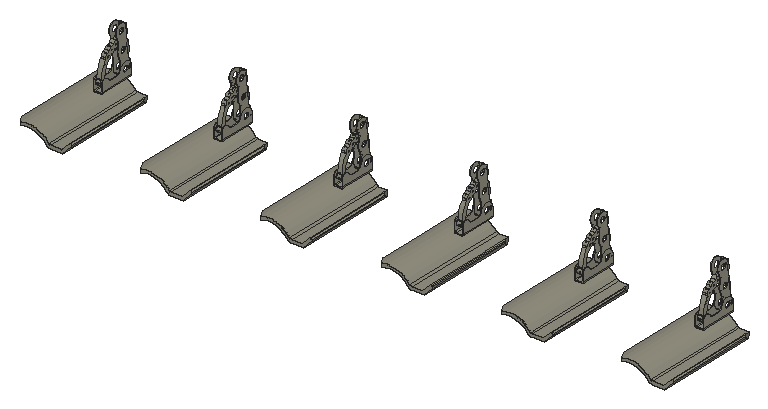
Revit family "Construction_Roof-Accessories_Alpine-SnowGuards_PP235LS", category Specialty Equipment, host Face, Revit 2019
Family settings
  Host = Face
  Round Connector Dimension = Use Diameter
  Part Type = Normal
  OmniClass Number = 23.35.20.31.27.14
  OmniClass Title = Snow Guards
  Cut with Voids When Loaded = No
  Shared = No
  Room Calculation Point = No
Parameters (values of type "PP235LS")
  Z_Two [instance] = Z_Length > Z_Horizontal Spacing  # yes
  Z_One [instance] = not(Z_Array)  # no
  Z_Length [instance] = if(Length < Z_Horizontal Spacing, Z_Horizontal Spacing, Length)  # 100"
  Z_Horizontal Spacing [instance] = if(Horizontal Spacing < 2", 2", Horizontal Spacing)  # 20"
  Z_Array [instance] = and(Z_Length > Z_Horizontal Spacing * 2)  # yes
  URL = "https://www.alpinesnowguards.com/model/pp235ls?utm_source=bimobject&utm_medium=productlisting&utm_campaign=2022marketing"
  Snow Guard Count [instance] = if(Length < Horizontal Spacing, 1, if(and(Z_Length > Z_Horizontal Spacing, Z_Length < Z_Horizontal Spacing * 2), 2, Z_Number of Pads Control))  # 6
  Product data url = "https://www.bimobject.com/en-us/alpine-snowguards/product/pp235ls_three_pipe_height_adjustable_snow_guard_and_base_plate_for_ludowici_spanish_tile"
  Product Material = Alpine SnowGuards - Aluminium - Mill Finish
  Product Guid = "ee1082ae-d518-4b84-b2f6-9cc9e24bb71d"
  Z_Number of Pads Control [instance] = if(Z_Length / Z_Horizontal Spacing + 1 < 3, 3, rounddown(Z_Length / Z_Horizontal Spacing + 1))  # 6
  Pad Material = Alpine SnowGuards - Aluminium - Mill Finish
  Model = "PP235LS"
  Manufacturer = "Alpine SnowGuards"  # constant formula
  Length [instance] = 100"
  Keynote = "07720"
  Length Note [instance] = "To show a single SnowGuard set Length to 0"  # constant formula
  Horizontal Spacing = 20"
  Edition number = 1  # constant formula
  Description = "PP235LS three-pipe, height adjustable, pipe-style snow guard bracket in aluminum. Aluminum base plate for 13'' or 18'' Ludowici Spanish Tile configurations."  # constant formula
  Default Elevation = 48"
  Bracket Angle [instance] = Angle : 0°
  Base Options [instance] = Base : 18"
  Base Material = Alpine SnowGuards - Aluminium - Mill Finish
  Assembly Code = "B3010"
Reference planes (in)
  plane 1 "Center (Front/Back)": y = 0
  plane 2: z = 0
  plane 3 "Center (Left/Right)": x = 0
  plane 4: x = 100
  plane 5: z = 0
  plane 6: x = 20
  plane 7: y = -2.21833
  plane 8: y = 3.78167
Dimensions and locks (in)
  "Z_Length": plane 3 "Center (Left/Right)" to plane 4
  locked: plane 5 to plane 2 at 0
  "Z_Horizontal Spacing": plane 3 "Center (Left/Right)" to plane 6
  locked: plane 7 to plane 1 "Center (Front/Back)" at 2.21833
  locked: plane 1 "Center (Front/Back)" to plane 8 at 3.78167
  equal spacing: group 1, group 2, group 3, group 7, group 8, group 9  (x3)
  equal spacing: group 4, group 5, group 6, group 10, group 11, group 12  (x3)
  aligned and locked: host face to plane 2
  aligned and locked: host face to level
  aligned and locked: plane 8 to nested 1
  aligned and locked: nested 1 to plane 3 "Center (Left/Right)"
  aligned and locked: plane 8 to nested 2
  aligned and locked: nested 2 to plane 6
  aligned and locked: nested 4 to plane 8
  aligned and locked: nested 4 to plane 3 "Center (Left/Right)"
  aligned and locked: nested 5 to plane 8
  aligned and locked: nested 5 to plane 6
  aligned and locked: nested 7 to level
  aligned and locked: plane 8 to nested 7
  aligned and locked: nested 7 to plane 3 "Center (Left/Right)"
  aligned and locked: nested 9 to plane 3 "Center (Left/Right)"
  aligned and locked: nested 9 to plane 8
  aligned and locked: nested 10 to plane 6
  aligned and locked: nested 10 to plane 8
  aligned and locked: nested 8 to plane 6
  aligned and locked: plane 8 to nested 8
Automatic sketch dimensions
  host sketch curve to host sketch curve = 199.17032"
  host sketch curve to host sketch curve = 96"
Nested families (in)
  nested 1: "Base" at (0, -14.21833, 0) x (-1, 0, 0) z (0, 0, 1), type <- "Base Options", Material <- "Base Material", visible <- "Z_Array", type "18""
    with Material Alpine SnowGuards - Aluminium - Mill Finish
  nested 2: "Base" at (20, -14.21833, 0) x (-1, 0, 0) z (0, 0, 1), type <- "Base Options", Material <- "Base Material", visible <- "Z_Array", type "18""
    with Material Alpine SnowGuards - Aluminium - Mill Finish
  nested 3: "Base" at (40, -14.21833, 0) x (-1, 0, 0) z (0, 0, 1), type <- "Base Options", Material <- "Base Material", visible <- "Z_Array", type "18""
    with Material Alpine SnowGuards - Aluminium - Mill Finish
  nested 4: "Angle" at (0, -2.21833, 2.27738) x (-1, 0, 0) z (0, 0, 1), Pad Material <- "Pad Material", type <- "Bracket Angle", visible <- "Z_Array", type "0°"
    with Pad Material Alpine SnowGuards - Aluminium - Mill Finish
  nested 5: "Angle" at (20, -2.21833, 2.27738) x (-1, 0, 0) z (0, 0, 1), Pad Material <- "Pad Material", type <- "Bracket Angle", visible <- "Z_Array", type "0°"
    with Pad Material Alpine SnowGuards - Aluminium - Mill Finish
  nested 6: "Angle" at (40, -2.21833, 2.27738) x (-1, 0, 0) z (0, 0, 1), Pad Material <- "Pad Material", type <- "Bracket Angle", visible <- "Z_Array", type "0°"
    with Pad Material Alpine SnowGuards - Aluminium - Mill Finish
  nested 7: "Base" at (0, -14.21833, 0) x (-1, 0, 0) z (0, 0, 1), type <- "Base Options", Material <- "Base Material", visible <- "Z_One", type "18""
    with Material Alpine SnowGuards - Aluminium - Mill Finish
  nested 8: "Base" at (20, -14.21833, 0) x (-1, 0, 0) z (0, 0, 1), type <- "Base Options", Material <- "Base Material", visible <- "Z_Two", type "18""
    with Material Alpine SnowGuards - Aluminium - Mill Finish
  nested 9: "Angle" at (0, -2.21833, 2.27732) x (-1, 0, 0) z (0, 0, 1), type <- "Bracket Angle", Pad Material <- "Pad Material", visible <- "Z_One", type "0°"
    with Pad Material Alpine SnowGuards - Aluminium - Mill Finish
  nested 10: "Angle" at (20, -2.21833, 2.27738) x (-1, 0, 0) z (0, 0, 1), type <- "Bracket Angle", Pad Material <- "Pad Material", visible <- "Z_Two", type "0°"
    with Pad Material Alpine SnowGuards - Aluminium - Mill Finish
  nested 11: "Base" at (60, -14.21833, 0) x (-1, 0, 0) z (0, 0, 1), type <- "Base Options", Material <- "Base Material", visible <- "Z_Array", type "18""
    with Material Alpine SnowGuards - Aluminium - Mill Finish
  nested 12: "Base" at (80, -14.21833, 0) x (-1, 0, 0) z (0, 0, 1), type <- "Base Options", Material <- "Base Material", visible <- "Z_Array", type "18""
    with Material Alpine SnowGuards - Aluminium - Mill Finish
  nested 13: "Base" at (100, -14.21833, 0) x (-1, 0, 0) z (0, 0, 1), type <- "Base Options", Material <- "Base Material", visible <- "Z_Array", type "18""
    with Material Alpine SnowGuards - Aluminium - Mill Finish
  nested 14: "Angle" at (60, -2.21833, 2.27738) x (-1, 0, 0) z (0, 0, 1), Pad Material <- "Pad Material", type <- "Bracket Angle", visible <- "Z_Array", type "0°"
    with Pad Material Alpine SnowGuards - Aluminium - Mill Finish
  nested 15: "Angle" at (80, -2.21833, 2.27738) x (-1, 0, 0) z (0, 0, 1), Pad Material <- "Pad Material", type <- "Bracket Angle", visible <- "Z_Array", type "0°"
    with Pad Material Alpine SnowGuards - Aluminium - Mill Finish
  nested 16: "Angle" at (100, -2.21833, 2.27738) x (-1, 0, 0) z (0, 0, 1), Pad Material <- "Pad Material", type <- "Bracket Angle", visible <- "Z_Array", type "0°"
    with Pad Material Alpine SnowGuards - Aluminium - Mill Finish
Definition of nested family "Base"
  Parameters (values of type "13"")
    W = 10 19/32"
    Material [instance] = none
    L = 13"
    Height = 0"
  Types (2): name | L
    18" | 18"
    13" | 13"
  Reference planes (in)
    plane 1 "Center (Front/Back)": y = 0
    plane 2: z = 0
    plane 3 "Center (Left/Right)": x = 0
    plane 4: y = -13
    plane 5: x = -5.29688
    plane 6: x = 5.29688
    plane 7: z = 2.40238
    plane 8: z = 0.4958
  Forms (in)
    Extrusion 1, solid, material <- "Material"
      sketch origin (0, 0, 0) x (1, 0, 0) y (0, 0, 1)
        loop
          arc (-4.8885, 1.80921) -> (-4.97255, 1.84599) -> (-5.05799, 1.81257) r 0.11987
          line (-5.05799, 1.81257) -> (-5.24388, 1.6339)
          arc (-5.24388, 1.6339) -> (-5.2814, 1.54815) -> (-5.2473, 1.46098) r 0.1223
          line (-5.2473, 1.46098) -> (-3.84303, 0) -> (-1.74016, 0)
          arc (-1.74016, 0) -> (-1.36989, 0.08708) -> (-1.07725, 0.33006) r 0.83074
          arc (-1.07725, 0.33006) -> (1.82861, 1.8884) -> (4.90148, 0.69262) r 3.94046
          arc (4.90148, 0.69262) -> (4.98843, 0.65434) -> (5.0773, 0.68794) r 0.12553
          line (5.0773, 0.68794) -> (5.26111, 0.85902)
          arc (5.26111, 0.85902) -> (5.29975, 0.94428) -> (5.26624, 1.03169) r 0.12141
          arc (5.26624, 1.03169) -> (1.80112, 2.39454) -> (-1.47766, 0.62986) r 4.42518
          arc (-1.47766, 0.62986) -> (-1.59576, 0.53119) -> (-1.74554, 0.4958) r 0.33468
          line (-1.74554, 0.4958) -> (-3.62607, 0.4958) -> (-4.8885, 1.80921)
      from 0 to 13
    Extrusion 2, void
      sketch origin (0, 0, 0) x (1, 0, 0) y (0, 1, 0)
        loop
          line (-3.11303, -13.25131) -> (-5.80361, -9.21543) -> (-5.80361, -13.25131) -> (-3.11303, -13.25131)
        loop
          line (3.13731, 0.24944) -> (5.66706, -3.61763) -> (5.66706, 0.24944) -> (3.13731, 0.24944)
      from -0.2975 to 2.58604
  Cuts and joins
    Extrusion 2 cuts Extrusion 1
  Lines and regions (in)
    model lines, detail levels fine
      curve 1: circle (2.0295, -0.85745, 2.40238) r 0.15625 normal (0, 0, 1)
      curve 2: circle (-3.08205, -0.85745, 0.4958) r 0.15625 normal (0, 0, 1)
      curve 3: circle (-2.316, -1.50024, 0.4958) r 0.15625 normal (0, 0, 1)
  Dimensions and locks (in)
    "L": plane 4 to plane 1 "Center (Front/Back)"
    equal spacing: plane 5, plane 3 "Center (Left/Right)", plane 6
    "W": plane 5 to plane 6
    aligned and locked: level to plane 2
    aligned and locked: cut or joined group of Extrusion 1, Extrusion 2 to plane 4
  Automatic sketch dimensions
    Extrusion 1 sketch curve to level = 0"
    plane 5 to Extrusion 1 sketch curve = 0.04957"
    plane 5 to Extrusion 1 sketch curve = 0.053"
    Extrusion 1 sketch curve to Extrusion 1 sketch curve = 0.08475"  (x2)
    plane 5 to Extrusion 1 sketch curve = 0.23888"
    Extrusion 1 sketch curve to Extrusion 1 sketch curve = 0.08307"  (x2)
    Extrusion 1 sketch curve to Extrusion 1 sketch curve = 0.08642"
    plane 5 to Extrusion 1 sketch curve = 1.45385"
    level to Extrusion 1 sketch curve = 0.4958"
    Extrusion 1 sketch curve to plane 3 "Center (Left/Right)" = 1.74554"
    Extrusion 1 sketch curve to Extrusion 1 sketch curve = 0.00539"
    plane 3 "Center (Left/Right)" to Extrusion 1 sketch curve = 2.06432"
    Extrusion 1 sketch curve to Extrusion 1 sketch curve = 0.00281"
    Extrusion 1 sketch curve to plane 6 = 0.3051"
    Extrusion 1 sketch curve to Extrusion 1 sketch curve = 0.08553"
    Extrusion 1 sketch curve to plane 6 = 0.11848"
    Extrusion 1 sketch curve to plane 6 = 0.03577"
    Extrusion 1 sketch curve to level = 2.0228"
    Extrusion 1 sketch curve to Extrusion 1 sketch curve = 0.02203"
    level to Extrusion 1 sketch curve = 0.68794"
    Extrusion 1 sketch curve to Extrusion 1 sketch curve = 0.09189"
    Extrusion 1 sketch curve to Extrusion 1 sketch curve = 0.33468"
    Extrusion 1 sketch curve to Extrusion 1 sketch curve = 0.00026"
    Extrusion 1 sketch curve to Extrusion 1 sketch curve = 0.17107"
    Extrusion 1 sketch curve to Extrusion 1 sketch curve = 0.08887"
    level to Extrusion 1 sketch curve = 1.46098"
    Extrusion 1 sketch curve to Extrusion 1 sketch curve = 0.18042"
    Extrusion 1 sketch curve to Extrusion 1 sketch curve = 0.21696"
    Extrusion 1 sketch curve to Extrusion 1 sketch curve = 0"  (x2)
    Extrusion 2 sketch curve to plane 5 = 0.50673"
    plane 5 to Extrusion 2 sketch curve = 2.18385"
    Extrusion 2 sketch curve to Extrusion 2 sketch curve = 4.03587"
    Extrusion 2 sketch curve to plane 1 "Center (Front/Back)" = 0.24944"
    Extrusion 2 sketch curve to plane 6 = 2.15957"
    plane 6 to Extrusion 2 sketch curve = 0.37018"
    plane 1 "Center (Front/Back)" to Extrusion 2 sketch curve = 3.61763"
    Extrusion 2 sketch curve to plane 4 = 0.25131"
    plane 1 "Center (Front/Back)" to curve 1 = 0.85745"
    plane 3 "Center (Left/Right)" to curve 1 = 2.0295"
    curve 3 to plane 3 "Center (Left/Right)" = 2.316"
    curve 3 to curve 2 = 0.76604"
    plane 1 "Center (Front/Back)" to curve 2 = 0.85745"
    curve 2 to curve 3 = 0.64279"
    radius of curve 1 = 5/32"
    radius of curve 2 = 5/32"
    radius of curve 3 = 5/32"
Definition of nested family "Angle"
  Parameters (values of type "0°")
    z_Angle = 0.00°
    Pad Material [instance] = none
  Types (5): name | z_Angle
    (no name) | 0.00°
    0° | 0.00°
    13° | 13.00°
    26° | 26.00°
    39° | 39.00°
  Reference planes (in)
    plane 1 "Center (Front/Back)": y = 0
    plane 2: z = 0
    plane 3 "Center (Left/Right)": x = 0
    plane 4: x = -3
    plane 5: x = 3
    plane 6: y = -6
    plane 7: z = 8.875
    plane 8: y = -3
    plane 9: y = -4.87403
    plane 10: z = 1.83537
  Forms (in)
    Extrusion 1, solid, material <- "Pad Material"
      sketch origin (0, 0, 0) x (0, 1, 0) y (0, 0, 1)
        loop
          line (-6, 1.87104) -> (-6, 0.375) -> (0, 0.375) -> (0, 1.62411)
          arc (0, 1.62411) -> (-0.52615, 2.1582) -> (-1.19174, 1.81313) r 0.63145
          arc (-1.19174, 1.81313) -> (-1.4278, 1.5522) -> (-1.76611, 1.45548) r 0.64002
          line (-1.76611, 1.45548) -> (-3.17762, 1.45548)
          arc (-3.17762, 1.45548) -> (-3.55315, 1.59813) -> (-3.73925, 1.95412) r 0.56561
          arc (-3.73925, 1.95412) -> (-4.9079, 2.95393) -> (-6, 1.87104) r 1.13494
        loop
          circle (-4.87403, 1.83537) r 0.55827
      from 0.63113 to 0.75613
    Extrusion 2, solid, material <- "Pad Material"
      sketch origin (0, 0, 0) x (0, 1, 0) y (0, 0, -1)
        loop
          arc (-6, -1.87104) -> (-4.9079, -2.95393) -> (-3.73925, -1.95412) r 1.13494
          arc (-3.73925, -1.95412) -> (-3.55315, -1.59813) -> (-3.17762, -1.45548) r 0.56561
          line (-3.17762, -1.45548) -> (-1.76611, -1.45548)
          arc (-1.76611, -1.45548) -> (-1.4278, -1.5522) -> (-1.19174, -1.81313) r 0.64002
          arc (-1.19174, -1.81313) -> (-0.52615, -2.1582) -> (0, -1.62411) r 0.63145
          line (0, -1.62411) -> (0, -0.375) -> (-6, -0.375) -> (-6, -1.87104)
        loop
          circle (-4.87403, -1.83537) r 0.55827
      from 0.61887 to 0.74387
    Sweep 3, solid, material <- "Pad Material"
      path origin (0, 0, 0) x (0, 1, 0) y (0, 0, 1)
        loop
          line (0, 0.375) -> (-6, 0.375)
      profile origin (0, -3, 0.375) x (0, 0, -1) y (1, 0, 0)
        loop
          arc (0, 0.63113) -> (0.08839, 0.59452) -> (0.125, 0.50613) r 0.125
          line (0.125, 0.50613) -> (0.125, -0.49387)
          arc (0.125, -0.49387) -> (0.08839, -0.58226) -> (0, -0.61887) r 0.125
          line (0, -0.61887) -> (0, -0.74387)
          arc (0, -0.74387) -> (0.17678, -0.67065) -> (0.25, -0.49387) r 0.25
          line (0.25, -0.49387) -> (0.25, 0.50613)
          arc (0.25, 0.50613) -> (0.17678, 0.68291) -> (0, 0.75613) r 0.25
          line (0, 0.75613) -> (0, 0.63113)
    Extrusion 4, solid, material <- "Pad Material", detail levels fine
      sketch origin (0, 0, 0) x (0, 1, 0) y (0, 0, 1)
        loop
          arc (-1.72495, 4.46487) -> (-1.63106, 4.43167) -> (-1.55827, 4.36369) r 0.24387
          arc (-1.55827, 4.36369) -> (-1.01949, 3.2694) -> (-0.8437, 2.06241) r 3.91429
          arc (-0.8437, 2.06241) -> (-0.86728, 1.9526) -> (-0.93169, 1.86059) r 0.28314
          arc (-0.93169, 1.86059) -> (-0.6495, 1.08838) -> (-0.2774, 1.82151) r 0.44823
          arc (-0.2774, 1.82151) -> (-0.32386, 1.90339) -> (-0.33943, 1.99624) r 0.27037
          arc (-0.33943, 1.99624) -> (-0.54687, 3.409) -> (-1.17449, 4.69158) r 4.63514
          arc (-1.17449, 4.69158) -> (-1.21477, 4.77712) -> (-1.22427, 4.87119) r 0.27992
          arc (-1.22427, 4.87119) -> (-1.33836, 5.21057) -> (-1.65923, 5.36942) r 0.46701
          arc (-1.65923, 5.36942) -> (-1.87468, 5.45912) -> (-1.99057, 5.66169) r 0.36192
          arc (-1.99057, 5.66169) -> (-2.18238, 5.95344) -> (-2.52395, 6.02585) r 0.45901
          arc (-2.52395, 6.02585) -> (-2.74721, 6.05996) -> (-2.90171, 6.2247) r 0.34555
          arc (-2.90171, 6.2247) -> (-3.1532, 6.46478) -> (-3.50085, 6.45985) r 0.45928
          arc (-3.50085, 6.45985) -> (-3.73786, 6.44186) -> (-3.937, 6.57163) r 0.37041
          arc (-3.937, 6.57163) -> (-4.73867, 6.35728) -> (-4.031, 5.92389) r 0.45151
          arc (-4.031, 5.92389) -> (-3.85956, 5.95624) -> (-3.72305, 5.84758) r 0.20953
          arc (-3.72305, 5.84758) -> (-3.47673, 5.62617) -> (-3.14552, 5.62845) r 0.45852
          arc (-3.14552, 5.62845) -> (-2.97568, 5.61886) -> (-2.8729, 5.4833) r 0.20279
          arc (-2.8729, 5.4833) -> (-2.6911, 5.21163) -> (-2.37307, 5.13604) r 0.44753
          arc (-2.37307, 5.13604) -> (-2.20131, 5.08546) -> (-2.12658, 4.92274) r 0.21621
          arc (-2.12658, 4.92274) -> (-2.01147, 4.61863) -> (-1.72495, 4.46487) r 0.46372
        loop
          circle (-1.67556, 4.9166) r 0.25788
        loop
          circle (-2.43433, 5.58183) r 0.25788
        loop
          circle (-3.31986, 6.04503) r 0.25788
      from -0.36887 to 0.38113
    Revolve 5, solid, material <- "Pad Material"
      sketch origin (0, -0.62615, 0) x (1, 0, 0) y (0, 0, 1)
        loop
          line (0.63113, 1.53332) -> (0.63113, 1.6596) -> (0.56863, 1.6596) -> (0.56863, 2.03332) -> (-0.55637, 2.03332) -> (-0.55637, 1.6596) -> (-0.61887, 1.6596) -> (-0.61887, 1.53332) -> (0.63113, 1.53332)
        axis (0.63113, 1.53332) -> (-0.61887, 1.53332)
      angle from 0 to 360
    Sweep 6, solid, not visible
      path origin (0, 0, 0) x (0, 1, 0) y (0, 0, 1)
        loop
          line (-4.87403, 0) -> (-4.87403, 1.83537)
      profile origin (0, -4.87403, 0.91769) x (0, -1, 0) y (1, 0, 0)
        loop
          circle (0, 0) r 0.08582
    Extrusion 7, solid, material <- "Pad Material", detail levels medium
      sketch origin (0, 0, 0) x (0, 1, 0) y (0, 0, 1)
        loop
          arc (-1.72495, 4.46487) -> (-1.63106, 4.43167) -> (-1.55827, 4.36369) r 0.24387
          arc (-1.55827, 4.36369) -> (-1.01949, 3.2694) -> (-0.8437, 2.06241) r 3.91429
          arc (-0.8437, 2.06241) -> (-0.86728, 1.9526) -> (-0.93169, 1.86059) r 0.28314
          arc (-0.93169, 1.86059) -> (-0.6495, 1.08838) -> (-0.2774, 1.82151) r 0.44823
          arc (-0.2774, 1.82151) -> (-0.32386, 1.90339) -> (-0.33943, 1.99624) r 0.27037
          arc (-0.33943, 1.99624) -> (-0.54687, 3.409) -> (-1.17449, 4.69158) r 4.63514
          arc (-1.17449, 4.69158) -> (-1.21477, 4.77712) -> (-1.22427, 4.87119) r 0.27992
          arc (-1.22427, 4.87119) -> (-1.33836, 5.21057) -> (-1.65923, 5.36942) r 0.46701
          arc (-1.65923, 5.36942) -> (-1.87468, 5.45912) -> (-1.99057, 5.66169) r 0.36192
          arc (-1.99057, 5.66169) -> (-2.18238, 5.95344) -> (-2.52395, 6.02585) r 0.45901
          arc (-2.52395, 6.02585) -> (-2.74721, 6.05996) -> (-2.90171, 6.2247) r 0.34555
          arc (-2.90171, 6.2247) -> (-3.1532, 6.46478) -> (-3.50085, 6.45985) r 0.45928
          arc (-3.50085, 6.45985) -> (-3.73786, 6.44186) -> (-3.937, 6.57163) r 0.37041
          arc (-3.937, 6.57163) -> (-4.73867, 6.35728) -> (-4.031, 5.92389) r 0.45151
          arc (-4.031, 5.92389) -> (-3.85956, 5.95624) -> (-3.72305, 5.84758) r 0.20953
          arc (-3.72305, 5.84758) -> (-3.47673, 5.62617) -> (-3.14552, 5.62845) r 0.45852
          arc (-3.14552, 5.62845) -> (-2.97568, 5.61886) -> (-2.8729, 5.4833) r 0.20279
          arc (-2.8729, 5.4833) -> (-2.6911, 5.21163) -> (-2.37307, 5.13604) r 0.44753
          arc (-2.37307, 5.13604) -> (-2.20131, 5.08546) -> (-2.12658, 4.92274) r 0.21621
          arc (-2.12658, 4.92274) -> (-2.01147, 4.61863) -> (-1.72495, 4.46487) r 0.46372
      from -0.36887 to 0.38113
    Extrusion 8, solid, material <- "Pad Material", detail levels coarse
      sketch origin (0, 0, 0) x (0, 1, 0) y (0, 0, 1)
        loop
          arc (-3.99905, 5.94872) -> (-1.71891, 4.57591) -> (-0.8437, 2.06241) r 3.91429
          arc (-0.8437, 2.06241) -> (-0.86728, 1.9526) -> (-0.93169, 1.86059) r 0.28314
          arc (-0.93169, 1.86059) -> (-0.6495, 1.08838) -> (-0.2774, 1.82151) r 0.44823
          arc (-0.2774, 1.82151) -> (-0.32386, 1.90339) -> (-0.33943, 1.99624) r 0.27037
          arc (-0.33943, 1.99624) -> (-1.33105, 4.90269) -> (-3.92194, 6.55135) r 4.63514
          arc (-3.92194, 6.55135) -> (-4.7397, 6.34974) -> (-3.99905, 5.94872) r 0.45151
      from -0.36887 to 0.38113
  Cuts and joins
    joined: Extrusion 1, Extrusion 2, Sweep 3
  Dimensions and locks (in)
    equal spacing: plane 4, plane 3 "Center (Left/Right)", plane 5
    plane 4 to plane 5 = 6"
    plane 7 to plane 2 = 8 7/8"
    locked: plane 6 to plane 1 "Center (Front/Back)" at 6
    equal spacing: plane 1 "Center (Front/Back)", plane 8, plane 6
    locked: plane 10 to plane 2 at 1.83537
    locked: Sweep 6 sketch curve to plane 10 at 1.83537
    "z_Angle": angle Sweep 6 sketch curve to plane 9
    aligned and locked: level to plane 2
    aligned and locked: plane 10 to Sweep 6 sketch curve
    aligned and locked: plane 9 to Sweep 6 sketch curve
  Automatic sketch dimensions
    Extrusion 1 sketch curve to plane 6 = 0"
    Extrusion 1 sketch curve to plane 9 = 0"
    Extrusion 1 sketch curve to plane 1 "Center (Front/Back)" = 0"
    plane 10 to Extrusion 1 sketch curve = 0"
    plane 9 to Extrusion 1 sketch curve = 1/128"
    Extrusion 1 sketch curve to plane 8 = 0.17762"
    Extrusion 1 sketch curve to plane 10 = 0.26013"
    plane 8 to Extrusion 1 sketch curve = 1.23389"
    plane 10 to Extrusion 1 sketch curve = 0.30084"
    plane 1 "Center (Front/Back)" to Extrusion 1 sketch curve = 0.62507"
    plane 10 to Extrusion 1 sketch curve = 0.3799"
    level to Extrusion 1 sketch curve = 3/8"
    plane 10 to Extrusion 1 sketch curve = 0.21126"
    plane 10 to Extrusion 1 sketch curve = 1/64"
    Extrusion 1 sketch curve to plane 10 = 0.03567"
    Extrusion 1 sketch curve to plane 10 = 0.18571"
    Extrusion 2 sketch curve to plane 6 = 0"
    Extrusion 2 sketch curve to plane 9 = 0"
    Extrusion 2 sketch curve to plane 1 "Center (Front/Back)" = 0"
    plane 10 to Extrusion 2 sketch curve = 0"
    plane 9 to Extrusion 2 sketch curve = 1/128"
    Extrusion 2 sketch curve to plane 8 = 0.17762"
    Extrusion 2 sketch curve to plane 10 = 0.26013"
    plane 8 to Extrusion 2 sketch curve = 1.23389"
    plane 10 to Extrusion 2 sketch curve = 0.30084"
    plane 1 "Center (Front/Back)" to Extrusion 2 sketch curve = 0.62507"
    Extrusion 2 sketch curve to plane 10 = 0.18571"
    Extrusion 2 sketch curve to plane 10 = 0.03567"
    plane 10 to Extrusion 2 sketch curve = 1/64"
    plane 10 to Extrusion 2 sketch curve = 0.21126"
    plane 10 to Extrusion 2 sketch curve = 0.3799"
    level to Extrusion 2 sketch curve = 3/8"
    Sweep 3 sketch curve to plane 6 = 0"
    Sweep 3 sketch curve to plane 1 "Center (Front/Back)" = 0"
    level to Sweep 3 sketch curve = 3/8"
    Sweep 3 sketch curve to Sweep 3 sketch curve = 0"  (x4)
    Sweep 3 sketch curve to profile plane = 0"  (x2)
    Sweep 3 sketch curve to Sweep 3 sketch curve = 1/8"  (x2)
    Sweep 3 sketch curve to plane 3 "Center (Left/Right)" = 0.74387"
    plane 3 "Center (Left/Right)" to Sweep 3 sketch curve = 0.50613"
    Extrusion 4 sketch curve to plane 9 = 0.10036"
    plane 9 to Extrusion 4 sketch curve = 0.1163"
    plane 9 to Extrusion 4 sketch curve = 0.58219"
    Extrusion 4 sketch curve to Extrusion 4 sketch curve = 0.38189"
    Extrusion 4 sketch curve to plane 8 = 0.6459"
    Extrusion 4 sketch curve to plane 8 = 0.32099"
    Extrusion 4 sketch curve to Extrusion 4 sketch curve = 0.00114"
    Extrusion 4 sketch curve to Extrusion 4 sketch curve = 0.0058"
    Extrusion 4 sketch curve to plane 8 = 0.07098"
    plane 8 to Extrusion 4 sketch curve = 0.41375"
    plane 8 to Extrusion 4 sketch curve = 0.5588"
    Extrusion 4 sketch curve to Extrusion 4 sketch curve = 0.00545"
    Extrusion 4 sketch curve to Extrusion 4 sketch curve = 0.00143"
    plane 8 to Extrusion 4 sketch curve = 0.65721"
    Extrusion 4 sketch curve to Extrusion 4 sketch curve = 0.58519"
    Extrusion 4 sketch curve to Extrusion 4 sketch curve = 0.65262"
    Extrusion 4 sketch curve to Extrusion 4 sketch curve = 0.01461"
    Extrusion 4 sketch curve to Extrusion 4 sketch curve = 0.0127"
    Extrusion 4 sketch curve to Extrusion 4 sketch curve = 0.0276"
    Extrusion 4 sketch curve to plane 10 = 0.23038"
    plane 1 "Center (Front/Back)" to Extrusion 4 sketch curve = 1.12682"
    Extrusion 4 sketch curve to Extrusion 4 sketch curve = 0.71785"
    plane 10 to Extrusion 4 sketch curve = 0.29956"
    plane 1 "Center (Front/Back)" to Extrusion 4 sketch curve = 0.62278"
    plane 1 "Center (Front/Back)" to Extrusion 4 sketch curve = 0.06907"
    Extrusion 4 sketch curve to plane 10 = 0.15847"
    Extrusion 4 sketch curve to plane 10 = 0.2019"
    Extrusion 4 sketch curve to Extrusion 4 sketch curve = 0.07138"
    Extrusion 4 sketch curve to Extrusion 4 sketch curve = 2.15745"
    Extrusion 4 sketch curve to Extrusion 4 sketch curve = 0.62867"
    Extrusion 4 sketch curve to Extrusion 4 sketch curve = 0.68023"
    Extrusion 4 sketch curve to Extrusion 4 sketch curve = 0.01318"
    Extrusion 4 sketch curve to Extrusion 4 sketch curve = 0.01854"
    Extrusion 4 sketch curve to Extrusion 4 sketch curve = 1/128"
    Extrusion 4 sketch curve to Extrusion 4 sketch curve = 0.51789"
    Extrusion 4 sketch curve to Extrusion 4 sketch curve = 0.1345"
    Extrusion 4 sketch curve to Extrusion 4 sketch curve = 0.00481"
    Extrusion 4 sketch curve to Extrusion 4 sketch curve = 0.00266"
    Extrusion 4 sketch curve to Extrusion 4 sketch curve = 0.80613"
    Extrusion 4 sketch curve to Extrusion 4 sketch curve = 0.313"
    Extrusion 4 sketch curve to Extrusion 4 sketch curve = 0.59739"
    Extrusion 4 sketch curve to Extrusion 4 sketch curve = 0.00778"
    Extrusion 4 sketch curve to Extrusion 4 sketch curve = 0.00984"
    Extrusion 4 sketch curve to Extrusion 4 sketch curve = 0.53957"
    Extrusion 4 sketch curve to Extrusion 4 sketch curve = 0.31087"
    Extrusion 4 sketch curve to Extrusion 4 sketch curve = 0.74581"
    Extrusion 4 sketch curve to Extrusion 4 sketch curve = 0.12105"
    Extrusion 4 sketch curve to Extrusion 4 sketch curve = 0"  (x18)
    Extrusion 4 sketch curve to plane 10 = 0.02522"
    plane 10 to Revolve 5 sketch curve = 0.30206"
    Revolve 5 sketch curve to plane 3 "Center (Left/Right)" = 0.61887"
    Revolve 5 sketch curve to Revolve 5 sketch curve = 1/16"  (x2)
    Revolve 5 sketch curve to plane 10 = 0.19794"
    plane 3 "Center (Left/Right)" to Revolve 5 sketch curve = 0.56863"
    Revolve 5 sketch curve to Revolve 5 sketch curve = 0.12629"  (x2)
    Revolve 5 sketch curve to Revolve 5 sketch curve = 0.07753"
    Revolve 5 sketch curve to Revolve 5 sketch curve = 1/8"
    Revolve 5 sketch curve to Revolve 5 sketch curve = 0"
    Sweep 6 sketch curve to plane 3 "Center (Left/Right)" = 0"
    Sweep 6 sketch curve to profile plane = 0"
    Extrusion 7 sketch curve to plane 9 = 0.10036"
    plane 9 to Extrusion 7 sketch curve = 0.1163"
    plane 9 to Extrusion 7 sketch curve = 0.58219"
    Extrusion 7 sketch curve to Extrusion 7 sketch curve = 0.38189"
    Extrusion 7 sketch curve to plane 8 = 0.6459"
    Extrusion 7 sketch curve to plane 8 = 0.32099"
    Extrusion 7 sketch curve to Extrusion 7 sketch curve = 0.00693"
    Extrusion 7 sketch curve to plane 8 = 0.07098"
    plane 8 to Extrusion 7 sketch curve = 0.41375"
    plane 8 to Extrusion 7 sketch curve = 0.5588"
    Extrusion 7 sketch curve to Extrusion 7 sketch curve = 0.00545"
    plane 8 to Extrusion 7 sketch curve = 0.65721"
    Extrusion 7 sketch curve to Extrusion 7 sketch curve = 0.58519"
    Extrusion 7 sketch curve to Extrusion 7 sketch curve = 0.65262"
    Extrusion 7 sketch curve to Extrusion 7 sketch curve = 0.0273"
    Extrusion 7 sketch curve to Extrusion 7 sketch curve = 0.0276"
    Extrusion 7 sketch curve to plane 10 = 0.23038"
    plane 1 "Center (Front/Back)" to Extrusion 7 sketch curve = 1.12682"
    Extrusion 7 sketch curve to Extrusion 7 sketch curve = 0.71785"
    plane 10 to Extrusion 7 sketch curve = 0.29956"
    plane 1 "Center (Front/Back)" to Extrusion 7 sketch curve = 0.62278"
    plane 1 "Center (Front/Back)" to Extrusion 7 sketch curve = 0.06907"
    Extrusion 7 sketch curve to plane 10 = 0.15847"
    Extrusion 7 sketch curve to plane 10 = 0.2019"
    Extrusion 7 sketch curve to Extrusion 7 sketch curve = 0.07138"
    Extrusion 7 sketch curve to Extrusion 7 sketch curve = 2.15745"
    Extrusion 7 sketch curve to Extrusion 7 sketch curve = 0.62867"
    Extrusion 7 sketch curve to Extrusion 7 sketch curve = 0.68023"
    Extrusion 7 sketch curve to Extrusion 7 sketch curve = 0.01854"
    Extrusion 7 sketch curve to Extrusion 7 sketch curve = 0.02099"
    Extrusion 7 sketch curve to Extrusion 7 sketch curve = 0.51789"
    Extrusion 7 sketch curve to Extrusion 7 sketch curve = 0.1345"
    Extrusion 7 sketch curve to Extrusion 7 sketch curve = 0.00481"
    Extrusion 7 sketch curve to Extrusion 7 sketch curve = 0.80613"
    Extrusion 7 sketch curve to Extrusion 7 sketch curve = 0.313"
    Extrusion 7 sketch curve to Extrusion 7 sketch curve = 0.59739"
    Extrusion 7 sketch curve to Extrusion 7 sketch curve = 0.01762"
    Extrusion 7 sketch curve to Extrusion 7 sketch curve = 0.53957"
    Extrusion 7 sketch curve to Extrusion 7 sketch curve = 0.31087"
    Extrusion 7 sketch curve to Extrusion 7 sketch curve = 0.74581"
    Extrusion 7 sketch curve to Extrusion 7 sketch curve = 0.12105"
    Extrusion 7 sketch curve to Extrusion 7 sketch curve = 0"  (x18)
    Extrusion 7 sketch curve to plane 10 = 0.02522"
    Extrusion 8 sketch curve to plane 9 = 0.10036"
    plane 9 to Extrusion 8 sketch curve = 0.1163"
    plane 9 to Extrusion 8 sketch curve = 0.58219"
    Extrusion 8 sketch curve to plane 10 = 0.23038"
    plane 1 "Center (Front/Back)" to Extrusion 8 sketch curve = 1.12682"
    plane 10 to Extrusion 8 sketch curve = 0.29956"
    plane 1 "Center (Front/Back)" to Extrusion 8 sketch curve = 0.62278"
    plane 1 "Center (Front/Back)" to Extrusion 8 sketch curve = 0.06907"
    Extrusion 8 sketch curve to plane 10 = 0.15847"
    Extrusion 8 sketch curve to plane 10 = 0.2019"
    Extrusion 8 sketch curve to Extrusion 8 sketch curve = 0.07138"
    Extrusion 8 sketch curve to Extrusion 8 sketch curve = 0.29279"
    Extrusion 8 sketch curve to Extrusion 8 sketch curve = 0.3699"
    Extrusion 8 sketch curve to plane 10 = 0.02522"
    Extrusion 8 sketch curve to Extrusion 8 sketch curve = 0"  (x3)
    Extrusion 8 sketch curve to plane 10 = 0.16087"
    radius of Extrusion 1 sketch curve = 0.55827"
    radius of Extrusion 2 sketch curve = 0.55827"
    radius of Extrusion 4 sketch curve = 0.25788"  (x3)
    radius of Sweep 6 sketch curve = 0.08582"
  Nested families (in)
    nested 1: "Angle" at (0, 0, 0), Pad Material <- "Pad Material", type "Angle"
      with Pad Material none
  Definition of nested family "Angle"
    Parameters (values of type "Angle")
      Pad Material [instance] = none
      Default Elevation = 48"
    Reference planes (in)
      plane 1 "Center (Front/Back)": y = 0
      plane 2: z = 0
      plane 3 "Center (Left/Right)": x = 0
      plane 4: x = -3
      plane 5: x = 3
      plane 6: y = -6
      plane 7: z = 8.875
      plane 8: y = -3
      plane 9: z = 1.83607
    Forms (in)
      Sweep 1, solid, material <- "Pad Material", detail levels fine
        path origin (0, 0, 0) x (0, 1, 0) y (0, 0, 1)
          loop
            line (-6.2263, 0.41601) -> (-5.07857, 9.14944)
        profile origin (0, -5.65243, 4.78272) x (0, -0.991475, 0.130297) y (1, 0, 0)
          loop
            line (-0.28137, -0.49387) -> (-2.18548, -0.49387) -> (-2.18548, -0.61887) -> (-0.25, -0.61887)
            arc (-0.25, -0.61887) -> (-0.07322, -0.54565) -> (0, -0.36887) r 0.25
            line (0, -0.36887) -> (0, 0.33356)
            arc (0, 0.33356) -> (-0.08716, 0.54397) -> (-0.29757, 0.63113) r 0.29757
            line (-0.29757, 0.63113) -> (-2.18548, 0.63113) -> (-2.18548, 0.50613) -> (-0.32057, 0.50613)
            arc (-0.32057, 0.50613) -> (-0.18228, 0.44885) -> (-0.125, 0.31056) r 0.19557
            line (-0.125, 0.31056) -> (-0.125, -0.3375)
            arc (-0.125, -0.3375) -> (-0.1708, -0.44807) -> (-0.28137, -0.49387) r 0.15637
      Extrusion 2, void
        sketch origin (0, 0, 0) x (0, 1, 0) y (0, 0, 1)
          loop
            arc (-4.7597, 8.56872) -> (-4.86742, 8.49357) -> (-4.9865, 8.43813) r 0.75857
            line (-4.9865, 8.43813) -> (-5.18137, 8.3672) -> (-5.34265, 7.14) -> (-5.12361, 6.88802)
            arc (-5.12361, 6.88802) -> (-5.03486, 6.39018) -> (-5.24923, 5.93216) r 0.83645
            line (-5.24923, 5.93216) -> (-5.5259, 5.74554) -> (-5.73354, 4.16557) -> (-5.5145, 3.9136)
            arc (-5.5145, 3.9136) -> (-5.42575, 3.41575) -> (-5.64012, 2.95774) r 0.83645
            line (-5.64012, 2.95774) -> (-5.91679, 2.77112) -> (-6.07808, 1.54386) -> (-5.84718, 1.38218)
            arc (-5.84718, 1.38218) -> (-4.54414, 0.84946) -> (-3.8761, 2.08858) r 1.05287
            arc (-3.8761, 2.08858) -> (-3.93684, 3.23212) -> (-3.5806, 4.32045) r 3.11776
            arc (-3.5806, 4.32045) -> (-3.45854, 4.69362) -> (-3.47962, 5.08567) r 1.06767
            arc (-3.47962, 5.08567) -> (-3.53696, 6.2322) -> (-3.1678, 7.31919) r 3.06026
            arc (-3.1678, 7.31919) -> (-3.45786, 8.58846) -> (-4.7597, 8.56872) r 1.03448
          loop
            line (-2.18756, 9.45686) -> (-6.75, 9.45686) -> (-6.75, 0.0981) -> (-2.18756, 0.0981) -> (-2.18756, 9.45686)
          loop
            circle (-4.09659, 7.77472) r 0.56225
          loop
            circle (-4.48378, 4.80624) r 0.55131
          loop
            circle (-4.87203, 1.83607) r 0.55131
        from -1.00595 to 1.12013
      Sweep 3, solid, material <- "Pad Material", detail levels medium
        path origin (0, 0, 0) x (0, 1, 0) y (0, 0, 1)
          loop
            line (-6.2263, 0.41601) -> (-5.07857, 9.14944)
        profile origin (0, -5.65243, 4.78272) x (0, -0.991475, 0.130297) y (1, 0, 0)
          loop
            line (-0.28137, -0.49387) -> (-2.18548, -0.49387) -> (-2.18548, -0.61887) -> (-0.25, -0.61887)
            arc (-0.25, -0.61887) -> (-0.07322, -0.54565) -> (0, -0.36887) r 0.25
            line (0, -0.36887) -> (0, 0.33356)
            arc (0, 0.33356) -> (-0.08716, 0.54397) -> (-0.29757, 0.63113) r 0.29757
            line (-0.29757, 0.63113) -> (-2.18548, 0.63113) -> (-2.18548, 0.50613) -> (-0.32057, 0.50613)
            arc (-0.32057, 0.50613) -> (-0.18228, 0.44885) -> (-0.125, 0.31056) r 0.19557
            line (-0.125, 0.31056) -> (-0.125, -0.3375)
            arc (-0.125, -0.3375) -> (-0.1708, -0.44807) -> (-0.28137, -0.49387) r 0.15637
      Extrusion 4, void
        sketch origin (0, 0, 0) x (0, 1, 0) y (0, 0, 1)
          loop
            arc (-4.7597, 8.56872) -> (-4.86742, 8.49357) -> (-4.9865, 8.43813) r 0.75857
            line (-4.9865, 8.43813) -> (-5.18137, 8.3672) -> (-5.34265, 7.14) -> (-5.12361, 6.88802)
            arc (-5.12361, 6.88802) -> (-5.03486, 6.39018) -> (-5.24923, 5.93216) r 0.83645
            line (-5.24923, 5.93216) -> (-5.5259, 5.74554) -> (-5.73354, 4.16557) -> (-5.5145, 3.9136)
            arc (-5.5145, 3.9136) -> (-5.42575, 3.41575) -> (-5.64012, 2.95774) r 0.83645
            line (-5.64012, 2.95774) -> (-5.91679, 2.77112) -> (-6.07808, 1.54386) -> (-5.84718, 1.38218)
            arc (-5.84718, 1.38218) -> (-4.54414, 0.84946) -> (-3.8761, 2.08858) r 1.05287
            arc (-3.8761, 2.08858) -> (-3.93684, 3.23212) -> (-3.5806, 4.32045) r 3.11776
            arc (-3.5806, 4.32045) -> (-3.45854, 4.69362) -> (-3.47962, 5.08567) r 1.06767
            arc (-3.47962, 5.08567) -> (-3.53696, 6.2322) -> (-3.1678, 7.31919) r 3.06026
            arc (-3.1678, 7.31919) -> (-3.45786, 8.58846) -> (-4.7597, 8.56872) r 1.03448
          loop
            line (-2.18756, 9.45686) -> (-6.75, 9.45686) -> (-6.75, 0.0981) -> (-2.18756, 0.0981) -> (-2.18756, 9.45686)
        from -1.00595 to 1.12013
      Sweep 5, solid, material <- "Pad Material", detail levels coarse
        path origin (0, 0, 0) x (0, 1, 0) y (0, 0, 1)
          loop
            line (-6.2263, 0.41601) -> (-5.07857, 9.14944)
        profile origin (0, -5.65243, 4.78272) x (0, -0.991475, 0.130297) y (1, 0, 0)
          loop
            line (-0.28137, -0.49387) -> (-2.18548, -0.49387) -> (-2.18548, -0.61887) -> (-0.25, -0.61887)
            arc (-0.25, -0.61887) -> (-0.07322, -0.54565) -> (0, -0.36887) r 0.25
            line (0, -0.36887) -> (0, 0.33356)
            arc (0, 0.33356) -> (-0.08716, 0.54397) -> (-0.29757, 0.63113) r 0.29757
            line (-0.29757, 0.63113) -> (-2.18548, 0.63113) -> (-2.18548, 0.50613) -> (-0.32057, 0.50613)
            arc (-0.32057, 0.50613) -> (-0.18228, 0.44885) -> (-0.125, 0.31056) r 0.19557
            line (-0.125, 0.31056) -> (-0.125, -0.3375)
            arc (-0.125, -0.3375) -> (-0.1708, -0.44807) -> (-0.28137, -0.49387) r 0.15637
    Cuts and joins
      Extrusion 2, Extrusion 4 cuts Sweep 1
      Extrusion 4 cuts Sweep 3
    Dimensions and locks (in)
      equal spacing: plane 4, plane 3 "Center (Left/Right)", plane 5
      plane 4 to plane 5 = 6"
      plane 7 to plane 2 = 8 7/8"
      locked: plane 6 to plane 1 "Center (Front/Back)" at 6
      equal spacing: plane 1 "Center (Front/Back)", plane 8, plane 6
      aligned and locked: level to plane 2
    Automatic sketch dimensions
      Sweep 1 sketch curve to plane 6 = 0.2263"
      level to Sweep 1 sketch curve = 0.41601"
      plane 7 to Sweep 1 sketch curve = 0.27444"
      plane 6 to Sweep 1 sketch curve = 0.92143"
      Sweep 1 sketch curve to profile plane = 0"
      profile plane to Sweep 1 sketch curve = 1/8"
      Sweep 1 sketch curve to Sweep 1 sketch curve = 1/8"
      Sweep 1 sketch curve to Sweep 1 sketch curve = 0.03137"  (x2)
      Sweep 1 sketch curve to Sweep 1 sketch curve = 0.17257"
      Sweep 1 sketch curve to Sweep 1 sketch curve = 0.023"  (x2)
      plane 3 "Center (Left/Right)" to Sweep 1 sketch curve = 0.63113"
      Sweep 1 sketch curve to Sweep 1 sketch curve = 1.8649"
      Sweep 1 sketch curve to Sweep 1 sketch curve = 0"
      Sweep 1 sketch curve to plane 3 "Center (Left/Right)" = 0.3375"
      Extrusion 2 sketch curve to Extrusion 2 sketch curve = 0"  (x6)
      Extrusion 2 sketch curve to plane 9 = 0"
      level to Extrusion 2 sketch curve = 0.0981"
      Extrusion 2 sketch curve to plane 6 = 3/4"
      Extrusion 2 sketch curve to plane 6 = 0.25507"
      Extrusion 2 sketch curve to plane 6 = 0.07808"
      plane 6 to Extrusion 2 sketch curve = 0.08321"
      plane 6 to Extrusion 2 sketch curve = 0.13583"
      plane 6 to Extrusion 2 sketch curve = 0.15282"
      plane 6 to Extrusion 2 sketch curve = 0.26646"
      Extrusion 2 sketch curve to Extrusion 2 sketch curve = 0.27667"  (x2)
      plane 6 to Extrusion 2 sketch curve = 0.4741"
      Extrusion 2 sketch curve to Extrusion 2 sketch curve = 0.21904"  (x2)
      plane 6 to Extrusion 2 sketch curve = 0.65735"
      plane 7 to Extrusion 2 sketch curve = 0.27596"
      plane 6 to Extrusion 2 sketch curve = 0.75405"
      Extrusion 2 sketch curve to Extrusion 2 sketch curve = 0.06458"
      Extrusion 2 sketch curve to plane 7 = 0.43687"
      Extrusion 2 sketch curve to Extrusion 2 sketch curve = 0.19487"
      plane 9 to Extrusion 2 sketch curve = 0.00453"
      Extrusion 2 sketch curve to Extrusion 2 sketch curve = 0.94783"
      Extrusion 2 sketch curve to Extrusion 2 sketch curve = 0.02732"
      Extrusion 2 sketch curve to Extrusion 2 sketch curve = 0.73219"
      Extrusion 2 sketch curve to Extrusion 2 sketch curve = 0.03325"
      Extrusion 2 sketch curve to plane 8 = 1.09659"
      plane 8 to Extrusion 2 sketch curve = 0.81244"
      plane 1 "Center (Front/Back)" to Extrusion 2 sketch curve = 0.84605"
      plane 1 "Center (Front/Back)" to Extrusion 2 sketch curve = 0.50609"
      Extrusion 2 sketch curve to plane 9 = 0.45389"
      Extrusion 2 sketch curve to Extrusion 2 sketch curve = 0.16168"
      plane 9 to Extrusion 2 sketch curve = 0.93505"
      plane 9 to Extrusion 2 sketch curve = 0.98683"
      Extrusion 2 sketch curve to Extrusion 2 sketch curve = 0.18662"  (x2)
      Extrusion 2 sketch curve to Extrusion 2 sketch curve = 0.75362"  (x2)
      Extrusion 2 sketch curve to Extrusion 2 sketch curve = 0.25197"  (x2)
      Extrusion 2 sketch curve to Extrusion 2 sketch curve = 0.89264"
      Extrusion 2 sketch curve to Extrusion 2 sketch curve = 0.02705"
      Extrusion 2 sketch curve to Extrusion 2 sketch curve = 0.91225"
      Extrusion 2 sketch curve to Extrusion 2 sketch curve = 2.98616"
      Extrusion 2 sketch curve to plane 7 = 1.10028"
      Extrusion 2 sketch curve to Extrusion 2 sketch curve = 0.07093"
      plane 7 to Extrusion 2 sketch curve = 0.58186"
      Sweep 3 sketch curve to plane 6 = 0.2263"
      level to Sweep 3 sketch curve = 0.41601"
      plane 7 to Sweep 3 sketch curve = 0.27444"
      plane 6 to Sweep 3 sketch curve = 0.92143"
      Sweep 3 sketch curve to profile plane = 0"
      profile plane to Sweep 3 sketch curve = 1/8"
      Sweep 3 sketch curve to Sweep 3 sketch curve = 1/8"
      Sweep 3 sketch curve to Sweep 3 sketch curve = 0.03137"  (x2)
      Sweep 3 sketch curve to Sweep 3 sketch curve = 0.17257"
      Sweep 3 sketch curve to Sweep 3 sketch curve = 0.023"  (x2)
      plane 3 "Center (Left/Right)" to Sweep 3 sketch curve = 0.63113"
      Sweep 3 sketch curve to Sweep 3 sketch curve = 1.8649"
      Sweep 3 sketch curve to Sweep 3 sketch curve = 0"
      Sweep 3 sketch curve to plane 3 "Center (Left/Right)" = 0.3375"
      Extrusion 4 sketch curve to plane 6 = 3/4"
      Extrusion 4 sketch curve to plane 6 = 0.25507"
      Extrusion 4 sketch curve to plane 6 = 0.07808"
      plane 6 to Extrusion 4 sketch curve = 0.08321"
      plane 6 to Extrusion 4 sketch curve = 0.13583"
      plane 6 to Extrusion 4 sketch curve = 0.15282"
      plane 6 to Extrusion 4 sketch curve = 0.26646"
      Extrusion 4 sketch curve to Extrusion 4 sketch curve = 0.27667"  (x2)
      plane 6 to Extrusion 4 sketch curve = 0.4741"
      Extrusion 4 sketch curve to Extrusion 4 sketch curve = 0.21904"  (x2)
      plane 6 to Extrusion 4 sketch curve = 0.65735"
      plane 7 to Extrusion 4 sketch curve = 0.27596"
      plane 6 to Extrusion 4 sketch curve = 0.75405"
      Extrusion 4 sketch curve to Extrusion 4 sketch curve = 0.06458"
      Extrusion 4 sketch curve to plane 7 = 0.43687"
      Extrusion 4 sketch curve to Extrusion 4 sketch curve = 0.19487"
      plane 9 to Extrusion 4 sketch curve = 0.00453"
      Extrusion 4 sketch curve to Extrusion 4 sketch curve = 0.94783"
      Extrusion 4 sketch curve to Extrusion 4 sketch curve = 0.73219"
      Extrusion 4 sketch curve to plane 8 = 1.09659"
      plane 8 to Extrusion 4 sketch curve = 0.81244"
      plane 1 "Center (Front/Back)" to Extrusion 4 sketch curve = 0.84605"
      plane 1 "Center (Front/Back)" to Extrusion 4 sketch curve = 0.50609"
      Extrusion 4 sketch curve to plane 9 = 0.29221"
      Extrusion 4 sketch curve to Extrusion 4 sketch curve = 0.16168"
      level to Extrusion 4 sketch curve = 0.0981"
      plane 9 to Extrusion 4 sketch curve = 0.93505"
      plane 9 to Extrusion 4 sketch curve = 0.98683"
      Extrusion 4 sketch curve to Extrusion 4 sketch curve = 0.18662"  (x2)
      Extrusion 4 sketch curve to Extrusion 4 sketch curve = 0.75362"  (x2)
      Extrusion 4 sketch curve to Extrusion 4 sketch curve = 0.25197"  (x2)
      Extrusion 4 sketch curve to Extrusion 4 sketch curve = 0.91969"
      Extrusion 4 sketch curve to Extrusion 4 sketch curve = 0.91225"
      Extrusion 4 sketch curve to Extrusion 4 sketch curve = 2.98616"
      Extrusion 4 sketch curve to plane 7 = 1.10028"
      Extrusion 4 sketch curve to Extrusion 4 sketch curve = 0.07093"
      plane 7 to Extrusion 4 sketch curve = 0.58186"
      Extrusion 4 sketch curve to Extrusion 4 sketch curve = 0"  (x4)
      Sweep 5 sketch curve to plane 6 = 0.2263"
      level to Sweep 5 sketch curve = 0.41601"
      plane 7 to Sweep 5 sketch curve = 0.27444"
      plane 6 to Sweep 5 sketch curve = 0.92143"
      Sweep 5 sketch curve to profile plane = 0"
      profile plane to Sweep 5 sketch curve = 1/8"
      Sweep 5 sketch curve to Sweep 5 sketch curve = 1/8"
      Sweep 5 sketch curve to Sweep 5 sketch curve = 0.03137"  (x2)
      Sweep 5 sketch curve to Sweep 5 sketch curve = 0.17257"
      Sweep 5 sketch curve to Sweep 5 sketch curve = 0.023"  (x2)
      plane 3 "Center (Left/Right)" to Sweep 5 sketch curve = 0.63113"
      Sweep 5 sketch curve to Sweep 5 sketch curve = 1.8649"
      Sweep 5 sketch curve to Sweep 5 sketch curve = 0"
      Sweep 5 sketch curve to plane 3 "Center (Left/Right)" = 0.3375"
      radius of Extrusion 2 sketch curve = 0.56225"
      radius of Extrusion 2 sketch curve = 0.55131"  (x2)
